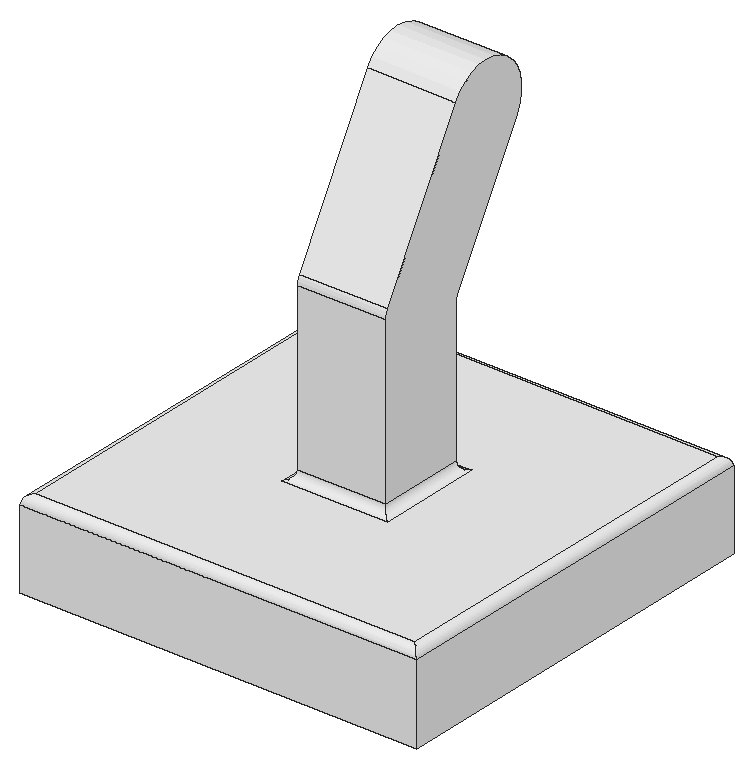
Revit family "Incepa_Acessorios_Suite_Cabide_B8000I3CR0", category Plumbing Fixtures, host Face, Revit 2014
Parameters (values of type "Cabide")
  Waste Connection = no
  WFU = 0
  Vent Connection = no
  URL = "http://www.incepa.com.br"
  Type Comments = ""
  Selo de Qualidade ofcdesk = "Standard"
  Model = "B8000I3CR0"
  Metais [instance] = Celite - Cromado
  Manufacturer = "Incepa"
  Keynote = ""
  Incepa: Versão = "Autodesk Revit MEP 2014"
  Incepa: Tipo = "Cabides"
  Incepa: Produto = "Metais"
  Incepa: Norma [instance] = "ABNT NBR 10282: 2003"
  Incepa: Linha = "Suite"
  Incepa: Informações Técnicas = "N/A"
  Incepa: Informações Gerais = "N/A"
  Incepa: Fabricante = "Incepa"
  Incepa: Descrição = "Cabide Suite (B8000I3CR0), Acessórios - Metais Incepa"
  Incepa: Código = "B8000I3CR0"
  Incepa: Cores Disponíveis = "Cromado"
  Incepa: Copyright © = "© 2014 Incepa"
  Incepa: Categoria = "Acessórios"
  Incepa: Altura da Peça [instance] = 0 mm
  HWFU = 0
  HW Connection = no
  Desenvolvido por = "ofcdesk"
  Description = "Cabide Suite (B8000I3CR0), Acessórios - Metais Incepa"
  Default Elevation = 1400 mm
  Cost = 0
  CWFU = 0
  CW Connection = no
  Assembly Code = "D2010"
Reference planes
  plane 1 "Center (Front/Back)": y = 0
  plane 2: z = 0
  plane 3 "Center (Left/Right)": x = 0
Forms (mm)
  Extrusion 1, solid, material "Celite - Cromado" <- "Metais"
    sketch origin (0, 0, 0) x (0, 1, 0) y (0, 0, 1)
      loop
        line (5, 0) -> (5, 27.065)
        arc (5, 27.065) -> (5.068, 27.583) -> (5.268, 28.065) r 2
        line (5.268, 28.065) -> (13.602, 42.5)
        arc (13.602, 42.5) -> (11.772, 49.33) -> (4.942, 47.5) r 5
        line (4.942, 47.5) -> (-4.732, 30.745)
        arc (-4.732, 30.745) -> (-4.932, 30.262) -> (-5, 29.745) r 2
        line (-5, 29.745) -> (-5, 0) -> (5, 0)
    from -5 to 5
  Sweep 2, solid, material "Celite - Cromado" <- "Metais"
    path origin (0, 0, 0) x (1, 0, 0) y (0, 1, 0)
      loop
        line (-22.5, 22.5) -> (-22.5, -22.5) -> (22.5, -22.5) -> (22.5, 22.5) -> (-22.5, 22.5)
    profile origin (0, 22.5, 0) x (0, -1, 0) y (0, 0, 1)
      loop
        line (0, 0) -> (17.5, 0) -> (17.5, 11)
        arc (17.5, 11) -> (17.207, 10.293) -> (16.5, 10) r 1
        line (16.5, 10) -> (1, 10)
        arc (1, 10) -> (0.293, 9.707) -> (0, 9) r 1
        line (0, 9) -> (0, 0)
Cuts and joins
  joined: Extrusion 1, Sweep 2
Dimensions and locks
  aligned and locked: plane 2 to host face
  aligned and locked: level to host face
